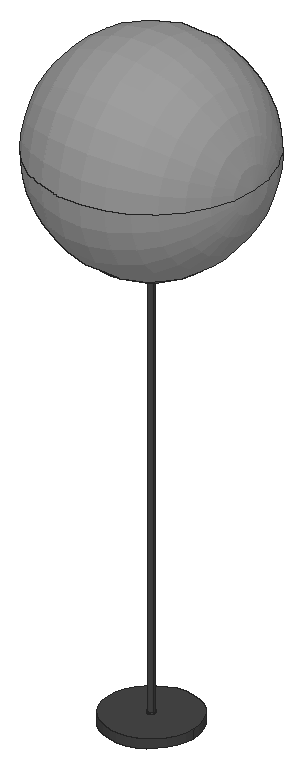
Revit family "Luna 12 Cord", category Lighting Fixtures, host Face, Revit 2017
Family settings
  Host = Face
  Round Connector Dimension = Use Diameter
  Part Type = Normal
  Cut with Voids When Loaded = No
  Light Source = Yes
  Shared = No
  Room Calculation Point = No
Parameters (values of type "True Black")
  Wattage = 9.2903 W
  built-in parameter 1150110 = 1 (stored number, unit not read)
  Voltage = "120 V"
  URL = "https://www.schoolhouse.com/products/luna-cord-pendant-with-12-shade"
  built-in parameter 1114217 = 1 (stored number, unit not read)
  built-in parameter 1150109 = 1 (stored number, unit not read)
  built-in parameter 1150134 = 3
  built-in parameter 1150113 = 1 (stored number, unit not read)
  Product Material = Brass
  Primary Finishes = Schoolhouse Black 0-0-0
  Model = "Luna Rod Pendant with 12\" Shade"
  Max Wattage = 60 W
  Manufacturer = "Schoolhouse"
  built-in parameter 1150105 = 109.82 (stored number, unit not read)
  Lumens = 1380 lm
  built-in parameter 1150115 = 1 (stored number, unit not read)
  Light Source Symbol Size = 2' - 0"
  built-in parameter 1150137 = (empty or 0)
  built-in parameter 1150139 = (empty or 0)
  Length Sub 1 = Lamp Shade Radius  # 0' - 6"
  built-in parameter 1150112 = 1 (stored number, unit not read)
  Lamp Shade Radius = Lamp Shade Diameter / 2  # 0' - 6"
  Lamp Shade Diameter = 1' - 0"
  built-in parameter 1150114 = 1 (stored number, unit not read)
  built-in parameter 1150132 = (empty or 0)
  built-in parameter 1150102 = (empty or 0)
  built-in parameter 1150107 = 3200 (stored number, unit not read)
  built-in parameter 1150138 = (empty or 0)
  built-in parameter 1150106 = 1.0982 (stored number, unit not read)
  Height = 3' - 0"
  Emit from Circle Diameter = 2' - 0"
  Emit Shape Visible in Rendering = no
  built-in parameter 1150104 = 13.8 (stored number, unit not read)
  Dimming Lamp Color Temperature Shift = <None>
  Dimming = ""
  Description = "Pared down to the elements of line and light, the Luna Collection retains a delicate, sculptural quality that illuminates a room even when unlit. A stylish take on task lighting, the glass shade’s milky finish imparts a moon-like glow. A vinyl cord and streamlined components add to the versatility and simplicity of this fixture. Manufactured in our Portland, Ore. factory to exacting specifications. A Schoolhouse Original."
  Default Elevation = 4' - 0"
  Cost = 259
  Color Filter = 16777215
  Canopy Width = 0' - 5"
  built-in parameter 1114218 = 1 (stored number, unit not read)
  built-in parameter 1150133 = 10 (stored number, unit not read)
Reference planes (in)
  plane 1 "Center (Front/Back)": y = 0
  plane 2: z = 0
  plane 3 "Center (Left/Right)": x = 0
  plane 4: x = 2.5
  plane 5: x = -2.5
  plane 6: z = 0.0625
  plane 7: z = 0.5625
  plane 8: z = 0.65625
  plane 9: z = 36
  plane 10 "lamp shade reference axis": z = 30
  plane 11: z = 24
  plane 12 "lamp shade holder": z = 24.78125
  plane 13: z = 23.375
Forms (in)
  Extrusion 1, solid, material "Schoolhouse Black 0-0-0" <- "Primary Finishes"
    sketch origin (0, 0, 0) x (1, 0, 0) y (0, 1, 0)
      loop
        circle (0, 0) r 2
    from 0 to 0.0625
  Extrusion 2, solid, material "Schoolhouse Black 0-0-0" <- "Primary Finishes"
    sketch origin (0, 0, 0.0625) x (1, 0, 0) y (0, 1, 0)
      loop
        circle (0, 0) r 2.5
    from 0 to 0.5
  Revolve 3, solid, material "Schoolhouse Black 0-0-0" <- "Primary Finishes"
    sketch origin (0, 0, 0) x (1, 0, 0) y (0, 0, 1)
      loop
        line (0, 0.5625) -> (0.19938, 0.5625)
        arc (0.19938, 0.5625) -> (0.2194, 0.57121) -> (0.22666, 0.5918) r 0.02734
        arc (0.22666, 0.5918) -> (0.2194, 0.61238) -> (0.19938, 0.62109) r 0.02734
        line (0.19938, 0.62109) -> (0.10914, 0.62109)
        arc (0.10914, 0.62109) -> (0.0598, 0.65774) -> (0, 0.67192) r 0.15243
        line (0, 0.67192) -> (0, 0.5625)
      axis (0, 0.67192) -> (0, 0.5625)
    angle from 0 to 360
  Extrusion 4, solid, material "Schoolhouse Black 0-0-0" <- "Primary Finishes"
    sketch origin (0, 0, 0.0625) x (1, 0, 0) y (0, 1, 0)
      loop
        circle (0, 0) r 0.16999
    from 0 to 23.9375
  Revolve 5, solid, material "Brass" <- "Product Material"
    sketch origin (0, 0, 30) x (-1, 0, 0) y (0, -1, 0)
      loop
        arc (-6, 0) -> (0, -6) -> (6, 0) r 6
        line (6, 0) -> (-6, 0)
      axis (-6, 0) -> (6, 0)
    angle from 0 to 360
  Extrusion 6, solid, material "Schoolhouse Black 0-0-0" <- "Primary Finishes"
    sketch origin (0, 0, 24.78125) x (-1, 0, 0) y (0, -1, 0)
      loop
        circle (0, 0) r 0.29749
    from -0.78125 to -1.40625
  Revolve 7, solid, material "Schoolhouse Black 0-0-0" <- "Primary Finishes"
    sketch origin (0, 0, 0) x (1, 0, 0) y (0, 0, 1)
      loop
        line (0, 24.78125) -> (0, 24)
        arc (0, 24) -> (1.56039, 24.15872) -> (3, 24.78125) r 5.13268
        line (3, 24.78125) -> (0, 24.78125)
      axis (0, 24) -> (0, 24.78125)
    angle from 0 to 360
Dimensions and locks (in)
  locked: plane 6 to level at 0.0625
  locked: plane 7 to plane 6 at 0.5
  "Height": plane 9 to level
  "Length Sub 1": plane 9 to plane 10 "lamp shade reference axis"
  "Length Sub 1": plane 10 "lamp shade reference axis" to plane 11
  locked: plane 12 "lamp shade holder" to plane 11 at 0.78125
  plane 12 "lamp shade holder" to plane 11 = 0' - 0 25/32"
  locked: plane 11 to plane 13 at 0.625
  "Lamp Shade Radius": radius of Revolve 5 sketch curve
  aligned and locked: plane 2 to host face
  aligned and locked: level to host face
  aligned and locked: plane 6 to Extrusion 1
  aligned and locked: plane 7 to Extrusion 2
  aligned and locked: Extrusion 2 to Revolve 3 sketch curve
  aligned and locked: plane 11 to Extrusion 4
  aligned and locked: plane 11 to Extrusion 6
  aligned and locked: Extrusion 6 to plane 13
  aligned and locked: plane 10 "lamp shade reference axis" to imposter light
  aligned and locked: Revolve 7 sketch curve to plane 12 "lamp shade holder"
Automatic sketch dimensions
  host sketch curve to host sketch curve = 8' - 0"  (x2)
  plane 1 "Center (Front/Back)" to Extrusion 1 sketch curve = 0' - 0"
  Extrusion 1 sketch curve to plane 3 "Center (Left/Right)" = 0' - 0"
  Revolve 3 sketch curve to plane 3 "Center (Left/Right)" = 0' - 0"  (x2)
  Revolve 3 sketch curve to plane 7 = 0' - 0"
  Revolve 3 sketch curve to plane 3 "Center (Left/Right)" = 0' - 0.00455"
  Revolve 3 sketch curve to plane 8 = 0' - 0 9/256"
  plane 3 "Center (Left/Right)" to Revolve 3 sketch curve = 0' - 0.10914"
  Revolve 3 sketch curve to Revolve 3 sketch curve = 0' - 0.09024"
  Revolve 3 sketch curve to Revolve 3 sketch curve = 0' - 0"
  Revolve 3 sketch curve to plane 7 = 0' - 0.04294"
  Revolve 3 sketch curve to Revolve 3 sketch curve = 0' - 0 7/256"
  Revolve 3 sketch curve to Revolve 3 sketch curve = 0' - 0 1/256"
  Revolve 3 sketch curve to Revolve 3 sketch curve = 0' - 0.04423"
  plane 1 "Center (Front/Back)" to Revolve 5 sketch curve = 0' - 0"  (x2)
  Revolve 5 sketch curve to plane 3 "Center (Left/Right)" = 0' - 0"
  Revolve 5 sketch curve to Revolve 5 sketch curve = 0' - 3 1/2"
  Revolve 5 sketch curve to Revolve 5 sketch curve = 0' - 4"
  plane 1 "Center (Front/Back)" to Extrusion 6 sketch curve = 0' - 0"
  Extrusion 6 sketch curve to plane 3 "Center (Left/Right)" = 0' - 0"
  Revolve 7 sketch curve to plane 3 "Center (Left/Right)" = 0' - 0"  (x2)
  Revolve 7 sketch curve to plane 11 = 0' - 0"
  plane 3 "Center (Left/Right)" to Revolve 7 sketch curve = 0' - 0.2669"
  plane 4 to Revolve 7 sketch curve = 0' - 0 1/2"
  Revolve 7 sketch curve to Revolve 7 sketch curve = 0' - 0 1/2"
  Revolve 7 sketch curve to Revolve 7 sketch curve = 0' - 0.33244"
  radius of Extrusion 1 sketch curve = 0' - 2"
  radius of Extrusion 1 to Extrusion 2 sketch curve = 0' - 0 1/2"
  radius of Extrusion 4 sketch curve to Extrusion 1 = 0' - 1.83001"
  radius of Extrusion 6 sketch curve = 0' - 0.29749"
